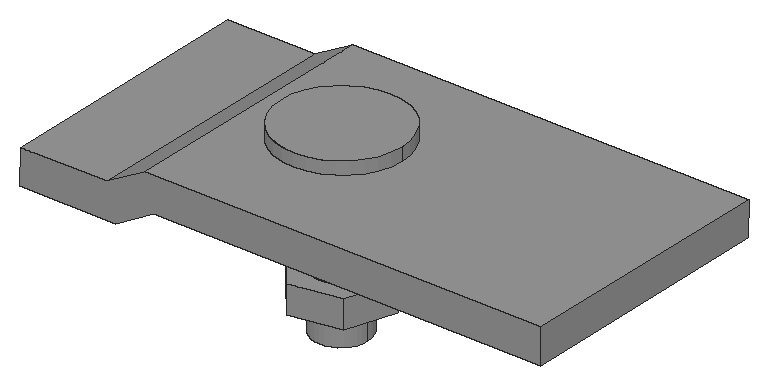
Revit family "Klemmstück - LKS 60 4 FT", category Generic Models, Revit 2017
Family settings
  Can host rebar = No
  Round Connector Dimension = Use Diameter
  Part Type = Normal
  Work Plane-Based = No
  Always vertical = Yes
  Cut with Voids When Loaded = No
  Shared = No
  Room Calculation Point = No
Parameters (values of type "LKS 60 4 FT")
  URL = "http://www.obo-bettermann.com"
  Material = Hot-dip galvanised
  Manufacturer Art.No. = "6221122"
  Manufacturer = "OBO BETTERMANN"
  GTIN = "4012196164653"
  Article Type = "LKS 60 4 FT"
Reference planes
  plane 1 "Center (Front/Back)": y = 0
  plane 2: z = 0
  plane 3 "Center (Left/Right)": x = 0
  plane 4: x = 60
  plane 5: x = 15.4
  plane 6: x = 10
  plane 7: y = 15
  plane 8: x = 25.04
  plane 9: y = 15
  plane 10: y = -15
  plane 11: y = 3.5
  plane 12: y = -3.5
  plane 13: x = 21.576
  plane 14: x = 28.537
  plane 15: z = 7.263
  plane 16: z = -12.737
  plane 17: x = 25.037
  plane 18: z = -2
  plane 19: z = -6.157
  plane 20: z = -9.357
  plane 21: x = 24.954
  plane 22: z = 8.763
Forms (mm)
  Extrusion 1, solid, material "Hot-dip galvanised" <- "Material"
    sketch origin (0, 0, 0) x (1, 0, 0) y (0, 0, 1)
      loop
        line (0, 0) -> (11.072, 0) -> (15.402, 2.5) -> (60, 2.5) -> (60, 6.5) -> (14.33, 6.5) -> (10, 4) -> (0, 4) -> (0, 0)
    from -15 to 15
  Extrusion 2, void
    sketch origin (0, 0, 0) x (1, 0, 0) y (0, 1, 0)
      loop
        line (28.537, 3.5) -> (21.576, 3.5) -> (21.576, -3.5) -> (28.537, -3.5) -> (28.537, 3.5)
    from 2.5 to 6.5
  Extrusion 3, solid, material "Hot-dip galvanised" <- "Material"
    sketch origin (0, 0, 0) x (1, 0, 0) y (0, 1, 0)
      loop
        circle (25.016, 0) r 3.1
    from -12.737 to 7.263
  Extrusion 4, solid, material "Hot-dip galvanised" <- "Material"
    sketch origin (0, 0, 0) x (1, 0, 0) y (0, 1, 0)
      loop
        circle (25.054, 0) r 3.2
      loop
        circle (25.054, 0) r 6
    from -2 to 0
  Extrusion 5, solid, material "Hot-dip galvanised" <- "Material"
    sketch origin (0, 0, 0) x (1, 0, 0) y (0, 1, 0)
      loop
        line (28.828, -4.423) -> (30.803, 1.003) -> (27.092, 5.425) -> (21.406, 4.423) -> (19.432, -1.003) -> (23.143, -5.425) -> (28.828, -4.423)
    from -6.157 to -9.357
  Extrusion 6, solid, material "Hot-dip galvanised" <- "Material"
    sketch origin (0, 0, 0) x (1, 0, 0) y (0, 1, 0)
      loop
        circle (25.118, 0) r 6.965
    from 7.263 to 8.731
Cuts and joins
  Extrusion 2 cuts Extrusion 1
Dimensions and locks
  locked: plane 4 to plane 3 "Center (Left/Right)" at 60
  locked: plane 4 to plane 5 at 44.6
  locked: plane 6 to plane 3 "Center (Left/Right)" at 10
  locked: Extrusion 1 sketch curve to Extrusion 1 sketch curve at 2.5  (x2)
  locked: Extrusion 1 sketch curve to Extrusion 1 sketch curve at 4  (x3)
  locked: Extrusion 1 sketch curve to Extrusion 1 sketch curve at 60
  locked: Extrusion 1 sketch curve to level at 6.5
  plane 1 "Center (Front/Back)" to plane 7 = 15 mm
  locked: plane 1 "Center (Front/Back)" to plane 9 at 15
  locked: plane 8 to Extrusion 1 at 35
  locked: Extrusion 2 sketch curve to Extrusion 2 sketch curve at 6.961
  locked: Extrusion 2 sketch curve to Extrusion 2 sketch curve at 7.051
  plane 9 to Extrusion 2 sketch curve = 11.5 mm
  locked: plane 8 to Extrusion 2 sketch curve at 3.497
  locked: plane 1 "Center (Front/Back)" to plane 7 at 15
  locked: plane 10 to plane 1 "Center (Front/Back)" at 15
  locked: cut or joined group of Extrusion 1, Extrusion 2 to cut or joined group of Extrusion 1, Extrusion 2 at 30
  cut or joined group of Extrusion 1, Extrusion 2 to cut or joined group of Extrusion 1, Extrusion 2 = 7 mm
  cut or joined group of Extrusion 1, Extrusion 2 to plane 1 "Center (Front/Back)" = 3.5 mm  (x2)
  plane 1 "Center (Front/Back)" to plane 11 = 3.5 mm
  locked: plane 12 to plane 1 "Center (Front/Back)" at 3.5
  locked: Extrusion 2 sketch curve to plane 1 "Center (Front/Back)" at 3.527
  locked: Extrusion 2 sketch curve to plane 1 "Center (Front/Back)" at 3.524
  locked: plane 13 to plane 8 at 3.464
  locked: plane 1 "Center (Front/Back)" to Extrusion 3 sketch curve
  locked: plane 1 "Center (Front/Back)" to Extrusion 3 sketch curve at 3.1
  Extrusion 3 to Extrusion 3 = 20 mm
  locked: plane 15 to Extrusion 3 at 20
  locked: Extrusion 4 sketch curve to plane 1 "Center (Front/Back)"
  locked: plane 1 "Center (Front/Back)" to Extrusion 3 at 3.1
  locked: plane 1 "Center (Front/Back)" to Extrusion 4 sketch curve at 3.315
  locked: plane 17 to cut or joined group of Extrusion 1, Extrusion 2 at 3.5
  locked: plane 17 to cut or joined group of Extrusion 1, Extrusion 2 at 35.003
  locked: plane 17 to Extrusion 4 sketch curve at 3.332
  locked: cut or joined group of Extrusion 1, Extrusion 2 to Extrusion 4 sketch curve at 28.214
  locked: plane 1 "Center (Front/Back)" to Extrusion 4 sketch curve at 6
  locked: plane 1 "Center (Front/Back)" to Extrusion 4 sketch curve
  Extrusion 4 to Extrusion 4 = 2 mm
  locked: Extrusion 5 sketch curve to Extrusion 5 sketch curve at 10
  locked: Extrusion 5 sketch curve to cut or joined group of Extrusion 1, Extrusion 2 at 29.237
  locked: cut or joined group of Extrusion 1, Extrusion 2 to Extrusion 5 sketch curve at 19.392
  Extrusion 5 to Extrusion 5 = 3.2 mm
  locked: plane 19 to plane 20 at 3.2
  locked: level to plane 19 at 6.157
  level to plane 20 = 9.357 mm
  locked: plane 1 "Center (Front/Back)" to Extrusion 6 sketch curve at 6.965
  locked: plane 21 to Extrusion 6 sketch curve at 7.128
  locked: plane 1 "Center (Front/Back)" to Extrusion 6 sketch curve
  locked: plane 22 to plane 15 at 1.5
  locked: Extrusion 1 sketch curve to Extrusion 1 sketch curve (angle 30.00°)
  locked: level to Extrusion 1 sketch curve (angle 30.00°)
  aligned and locked: level to plane 2
  aligned and locked: plane 5 to Extrusion 1 sketch curve
  aligned and locked: Extrusion 1 sketch curve to plane 4
  aligned and locked: Extrusion 1 sketch curve to plane 3 "Center (Left/Right)"
  aligned and locked: Extrusion 1 to level
  aligned and locked: Extrusion 1 to plane 3 "Center (Left/Right)"
  aligned and locked: Extrusion 1 to Extrusion 2  (x2)
  aligned and locked: plane 7 to Extrusion 1
  aligned and locked: Extrusion 1 to plane 10
  aligned and locked: plane 11 to Extrusion 2 sketch curve
  aligned and locked: Extrusion 2 sketch curve to plane 12
  aligned and locked: plane 15 to Extrusion 3
  aligned and locked: Extrusion 3 to plane 16
  aligned and locked: level to Extrusion 4
  aligned and locked: Extrusion 4 to plane 18
  aligned and locked: plane 19 to Extrusion 5
  aligned and locked: Extrusion 5 to plane 20
  aligned and locked: Extrusion 6 to Extrusion 3
